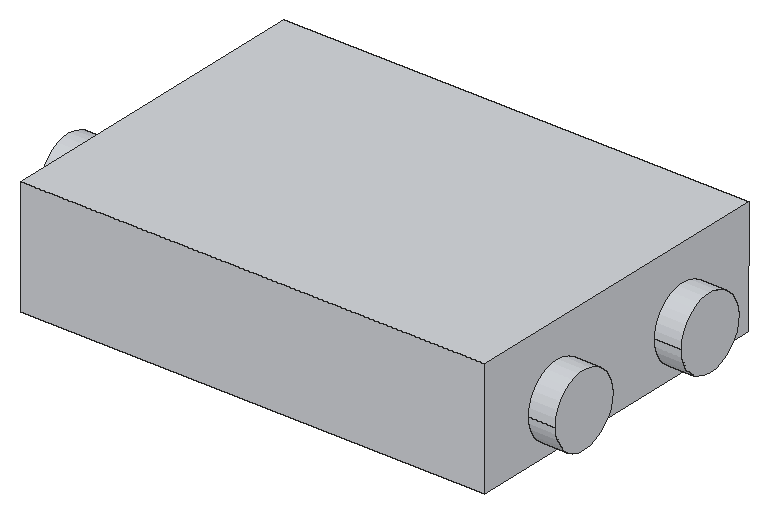
Revit family "SENTINEL KINETIC 200ZH BIM", category Mechanical Equipment, Revit 2013
Parameters
  Unit width [instance] = 576 mm
  Unit length [instance] = 810 mm
  Unit hight [instance] = 204 mm
  Part No. = "449540"
Reference planes
  plane 1 "Center (Front/Back)": y = 0
  plane 2: z = 0
  plane 3 "Center (Left/Right)": x = 0
  plane 4: x = -403.712
  plane 5: x = 406.288
  plane 6: y = 287.937
  plane 7: y = -288.063
Forms (mm)
  Extrusion 1, solid
    sketch origin (0, 0, -26.638) x (-1, 0, 0) y (0, -1, 0)
      loop
        line (406.212, -287.937) -> (406.212, 288.59) -> (-406.719, 288.59) -> (-406.719, -287.937) -> (406.212, -287.937)
    from 26.638 to 230.638
  Extrusion 2, solid
    sketch origin (-255, 0, 0) x (0, -1, 0) y (0, 0, 1)
      loop
        circle (-156.583, 79.889) r 62.5
      loop
        circle (120.533, 126.292) r 62.5
    from 148.712 to 200.49
  Extrusion 3, solid
    sketch origin (-255, 0, 0) x (0, -1, 0) y (0, 0, 1)
      loop
        circle (-143.282, 79.889) r 62.5
      loop
        circle (132.292, 79.889) r 62.5
    from -710.49 to -661.288
Dimensions and locks
  "Unit length": plane 4 to plane 5
  "Unit width": plane 6 to plane 7
Automatic sketch dimensions
  Extrusion 1 sketch curve to plane 5 = 0.431 mm
  Extrusion 1 sketch curve to plane 1 "Center (Front/Back)" = 287.937 mm
  plane 4 to Extrusion 1 sketch curve = 2.5 mm
  plane 1 "Center (Front/Back)" to Extrusion 1 sketch curve = 288.59 mm
  Extrusion 2 sketch curve to plane 6 = 131.353 mm
  plane 1 "Center (Front/Back)" to Extrusion 2 sketch curve = 120.533 mm
  level to Extrusion 2 sketch curve = 79.889 mm
  level to Extrusion 2 sketch curve = 126.292 mm
  plane 1 "Center (Front/Back)" to Extrusion 3 sketch curve = 132.292 mm
  level to Extrusion 3 sketch curve = 79.889 mm  (x2)
  Extrusion 3 sketch curve to plane 1 "Center (Front/Back)" = 143.282 mm
  radius of Extrusion 2 sketch curve = 62.5 mm  (x2)
  radius of Extrusion 3 sketch curve = 62.5 mm  (x2)
Connectors
  hvac at (-455.49, -120.14, 126.292)
    settings: on import instance, index 1, duct flow 0.0 L/s, flow factor 0, pres drop 0.0 Pa, loss coef 0, conn angle 0.00°, conn width 304.8 mm, conn height 304.8 mm, conn radius 62.5 mm, duct sys type 2, conn prof type 0, flow config 0, flow direction 2, loss method 0, conn ref index -1, conn util no, is conn primary yes, conn desc ""
  hvac at (-455.49, 156.583, 79.889)
    settings: on Extrusion 2, index 2, duct flow 0.0 L/s, flow factor 0, pres drop 0.0 Pa, loss coef 0, conn angle 0.00°, conn width 304.8 mm, conn height 304.8 mm, conn radius 62.5 mm, duct sys type 1, conn prof type 0, flow config 0, flow direction 1, loss method 0, conn ref index -1, conn util no, is conn primary no, conn desc ""
  hvac at (455.49, -132.292, 79.889)
    settings: on Extrusion 3, index 3, duct flow 0.0 L/s, flow factor 0, pres drop 0.0 Pa, loss coef 0, conn angle 0.00°, conn width 304.8 mm, conn height 304.8 mm, conn radius 62.5 mm, duct sys type 1, conn prof type 0, flow config 0, flow direction 2, loss method 0, conn ref index -1, conn util no, is conn primary no, conn desc ""
  hvac at (455.49, 143.282, 79.889)
    settings: on Extrusion 3, index 4, duct flow 0.0 L/s, flow factor 0, pres drop 0.0 Pa, loss coef 0, conn angle 0.00°, conn width 304.8 mm, conn height 304.8 mm, conn radius 62.5 mm, duct sys type 2, conn prof type 0, flow config 0, flow direction 1, loss method 0, conn ref index -1, conn util no, is conn primary no, conn desc ""
